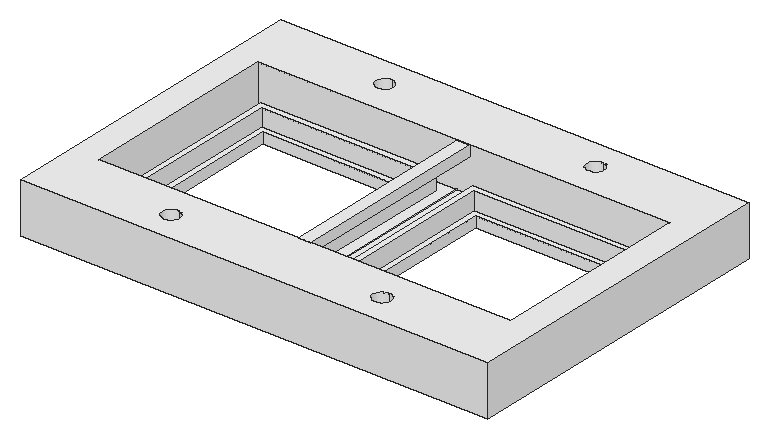
Revit family "Gira_021206", category Electrical Fixtures, host Face, Revit 2017
Family settings
  Host = Face
  Maintain Annotation Orientation = No
  Round Connector Dimension = Use Diameter
  Part Type = Normal
  Cut with Voids When Loaded = No
  Shared = No
  Room Calculation Point = No
Parameters (values of type "Cov.fr. 2-g interm.fr. AN Gira Event c.alum.")
  With mounting grid = "No"
  With hinged lid = "No"
  URL = "http://katalog.gira.de/en/datenblatt.html?artikelnr=021206"
  Type of fastening = "Other"
  Transparent = "No"
  Surface protection = "Other"
  Suitable for wall duct = "No"
  Suitable for flush-mounted installation = "Yes"
  Suitable for floor box = "No"
  Suitable for built-in installation = "No"
  Number of units vertical = "2"
  Number of units horizontal = "2"
  Number of units = "2"
  Name = "Cov.fr. 2-g interm.fr. AN Gira Event c.alum."
  Mounting direction = "Horizontal and vertical"
  Material quality = "Thermoplastic"
  Material = "Plastic"
  Manufacturer URL = "https://www.gira.de/"
  Manufacturer = "Gira"
  Label space/information surface = "No"
  Keynote = ""
  HeinzeBIM = "https://bimportal.heinze.de/bim/cov-fr-2-g-interm-fr-an-gira-event-c-alum-/41368fd5b7a940ee7099e14f0abe290d09fa2608"
  Halogen free = "Yes"
  HAN = "021206"
  GTIN = "4010337212065"
  Description = "Cov.fr.2g i.fr.AN Event CAl,Gira Event frames,colour aluminium with anthracite intermediate frame,2-gang,Features:,- Shatter-proof."
  Degree of protection (IP) = "IP20"
  Default Elevation = 1219.2 mm
  Data sheet (1) = "https://katalog.gira.de/en/download.html?artikelnr=021206"
  Colour = "Aluminium"
  Category = "Cover frame for domestic switching devices"
  BIM (1) = "https://media.stage.bim.site/public/gira/36a6b08/TX44_Rahmen_2fach.rfa"
  Available = "No"
Reference planes
  plane 1 "Center (Front/Back)": y = 0
  plane 2: z = 0
  plane 3 "Center (Left/Right)": x = 0
  plane 4: x = 78.75
  plane 5: x = 2
  plane 6: x = -2
Forms (mm)
  Extrusion 1, solid, material "White", detail levels fine
    sketch origin (-35.841, 0, 0) x (0, -1, 0) y (1, 0, 0)
      loop
        line (-54.959, 114.591) -> (-54.959, -42.909) -> (54.959, -42.909) -> (54.959, 114.591) -> (-54.959, 114.591)
      loop
        line (-33.5, -33.5) -> (33.5, -33.5) -> (33.5, 105.183) -> (-33.5, 105.183) -> (-33.5, -33.5)
      loop
        circle (-45, -0.006) r 3
      loop
        circle (44.992, 0.001) r 3
      loop
        circle (-45, 71.094) r 3
      loop
        circle (44.992, 71.101) r 3
    from 0 to 16.9
  Extrusion 2, solid, material "White", detail levels fine
    sketch origin (-35.841, 0, 0) x (0, -1, 0) y (1, 0, 0)
      loop
        line (-25.5, 25.5) -> (-25.5, -25.5) -> (25.5, -25.5) -> (25.5, 25.5) -> (-25.5, 25.5)
      loop
        line (-33.5, 33.5) -> (-33.5, -33.5) -> (33.5, -33.5) -> (33.5, 33.5) -> (-33.5, 33.5)
    from -1.6 to 2
  Extrusion 3, solid, material "White", detail levels fine
    sketch origin (-35.841, 0, 0) x (0, -1, 0) y (1, 0, 0)
      loop
        line (-27.5, 27.5) -> (-27.5, -27.5) -> (27.5, -27.5) -> (27.5, 27.5) -> (-27.5, 27.5)
      loop
        line (-29.5, 29.5) -> (-29.5, -29.5) -> (29.5, -29.5) -> (29.5, 29.5) -> (-29.5, 29.5)
    from 2 to 7.8
  Extrusion 4, solid, material "White", detail levels coarse+medium
    sketch origin (-35.841, 0, 0) x (0, -1, 0) y (1, 0, 0)
      loop
        line (-54.959, 114.591) -> (-54.959, -42.909) -> (54.959, -42.909) -> (54.959, 114.591) -> (-54.959, 114.591)
    from -1.6 to 16.9
  Extrusion 5, solid, material "White", detail levels fine
    sketch origin (35.841, 0, 0) x (0, -1, 0) y (1, 0, 0)
      loop
        line (-25.5, 25.5) -> (-25.5, -25.5) -> (25.5, -25.5) -> (25.5, 25.5) -> (-25.5, 25.5)
      loop
        line (-33.5, 33.5) -> (-33.5, -33.5) -> (33.5, -33.5) -> (33.5, 33.5) -> (-33.5, 33.5)
    from -1.6 to 2
  Extrusion 6, solid, material "White", detail levels fine
    sketch origin (35.841, 0, 0) x (0, -1, 0) y (1, 0, 0)
      loop
        line (-27.5, 27.5) -> (-27.5, -27.5) -> (27.5, -27.5) -> (27.5, 27.5) -> (-27.5, 27.5)
      loop
        line (-29.5, 29.5) -> (-29.5, -29.5) -> (29.5, -29.5) -> (29.5, 29.5) -> (-29.5, 29.5)
    from 2 to 7.8
  Extrusion 7, solid, material "White", detail levels fine
    sketch origin (-35.841, 0, 0) x (0, -1, 0) y (1, 0, 0)
      loop
        line (-33.5, 38.183) -> (-33.5, 33.5) -> (33.5, 33.5) -> (33.5, 38.183) -> (-33.5, 38.183)
    from 0 to 2
  Extrusion 8, solid, material "White", detail levels fine
    sketch origin (-35.841, 0, 0) x (0, -1, 0) y (1, 0, 0)
      loop
        line (-33.5, 37.841) -> (-33.5, 33.841) -> (33.5, 33.841) -> (33.5, 37.841) -> (-33.5, 37.841)
    from 13.4 to 16.9
Dimensions and locks
  aligned and locked: plane 2 to host face
  aligned and locked: level to host face
